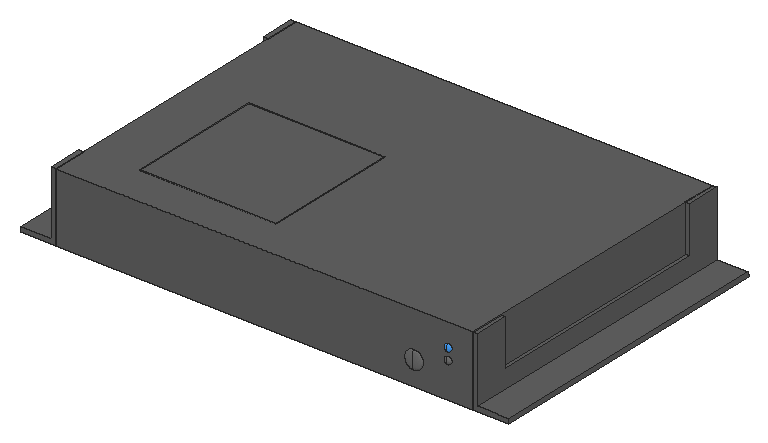
Revit family "Network Video Endpoint-Q-SYS-NV-21-HU", category Communication Devices, host Face, Revit 2021
Family settings
  Host = Face
  Maintain Annotation Orientation = No
  Round Connector Dimension = Use Diameter
  Part Type = Normal
  OmniClass Number = 23.85.10.14
  OmniClass Title = Visual Information Systems
  Cut with Voids When Loaded = No
  Shared = No
  Room Calculation Point = No
Parameters (values of type "On Surface")
  Width = 215.007 mm
  Weight Product = 1.75
  Weight Dimensional = 1.75
  Weight = 1.75 lbm
  Voltage = 12 V
  Under Surface = not(On Surface)  # no
  URL = "https://www.qsys.com/"
  Type Comments = "On Surface"
  Product Page URL = "https://www.qsys.com/products-solutions/q-sys/video/nv-series/nv-21-hu/"
  Product Documentation Link = "https://www.qsys.com/resource-files/reps/documentcenter/q_rep_nv_21_hu_specsheet.pdf"
  Power Factor = 0.9
  Part Number = ""
  On Surface = yes
  Number of Poles = 2
  Model = "NV-21-HU"
  Minimum Circuit Amps = 9 A
  Manufacturer URL = "https://www.qsys.com/"
  Manufacturer = "Q-SYS"
  Load Classification = Other
  LED X Offset = if(Under Surface, 15.0 mm, Body Width - 15.0 mm)  # 172.4 mm
  LED Material = Plastic - Q-SYS - LED Blue
  LED 2 Y Offset = if(Under Surface, 15.0 mm, Body Height - 15.0 mm)  # 15.5 mm
  LED 1 Y Offset = if(Under Surface, 10.0 mm, Body Height - 10.0 mm)  # 20.5 mm
  Intake Y Offset = 17.0 mm
  Intake X Offset = if(On Surface, 23.0 mm, Body Width - 23.0 mm - 60.0 mm)  # 23.0 mm
  IQ Category = "Video Endpoint"  # constant formula
  Highlight Material = Plastic - Q-SYS - Black
  Height = 30.5 mm
  Grille Material = Paint - Q-SYS - Black Mesh
  Frame Height = 30.5 mm
  Frame Depth = 2.0 mm
  Description = "Native Network Video Endpoint for Q-SYS."
  Depth = 131.5 mm
  Default Elevation = 1219.2 mm
  Current Draw = 0
  Button Y Offset = if(Under Surface, 20.0 mm, Body Height - 20.0 mm)  # 10.5 mm
  Button X Offset = if(Under Surface, 30.0 mm, Body Width - 30.0 mm)  # 157.4 mm
  Body Width = 187.4 mm
  Body Offset = if(On Surface, 0.0 mm, 12.0 mm)  # 0.0 mm
  Body Material = Paint - Q-SYS - Black
  Body Height = 30.5 mm
  Apparent Load = Voltage * Minimum Circuit Amps / Power Factor  # 120 VA
Types (3, lengths in mm): name | Under Surface | Type Comments | On Surface | LED X Offset | LED 2 Y Offset | LED 1 Y Offset | Intake X Offset | Button Y Offset | Button X Offset | Body Offset
  (no name) | no | "On Surface" | yes | 172.4 | 15.5 | 20.5 | 23.0 | 10.5 | 157.4 | 0.0
  On Surface | no | "On Surface" | yes | 172.4 | 15.5 | 20.5 | 23.0 | 10.5 | 157.4 | 0.0
  Under Surface | yes | "Under Surface" | no | 15.0 | 15.0 | 10.0 | 104.4 | 20.0 | 30.0 | 12.0
Reference planes
  plane 1 "Center (Front/Back)": y = 0
  plane 2: z = 0
  plane 3 "Center (Left/Right)": x = 0
  plane 4 "Back": y = 65.75
  plane 5 "Front": y = -65.75
  plane 6 "Left": x = -107.504
  plane 7 "Right": x = 107.504
  plane 8 "frame left": x = -93.7
  plane 9 "frame right": x = 93.7
  plane 10 "body left": x = -91.7
  plane 11 "body right": x = 91.7
  plane 12 "Bottom": z = 0
  plane 13 "Top": z = 30.5
  plane 14 "frame top": z = 30.5
  plane 15: z = 2
  plane 16 "body bottom": z = 0
  plane 17: y = 50.75
  plane 18: y = -50.75
  plane 19: z = 10
  plane 20 "1": z = 20.5
  plane 21 "2": z = 15.5
  plane 22 "3": z = 10.5
  plane 23: x = 65.7
  plane 24: x = 80.7
  plane 25 "intake left": x = -68.7
  plane 26 "intake right": x = -8.7
  plane 27: y = 11.25
  plane 28: y = -48.75
Forms (mm)
  Extrusion 1, solid, material "Paint - Q-SYS - Black" <- "Body Material", detail levels medium+fine
    sketch origin (0, 0, 0) x (1, 0, 0) y (0, 0, 1)
      loop
        line (-107.504, 2) -> (-107.504, 0) -> (-91.7, 0) -> (-91.7, 30.5) -> (-93.7, 30.5) -> (-93.7, 2) -> (-107.504, 2)
      loop
        line (107.504, 2) -> (93.7, 2) -> (93.7, 30.5) -> (91.7, 30.5) -> (91.7, 0) -> (107.504, 0) -> (107.504, 2)
    from -65.75 to 65.75
  Extrusion 2, void
    sketch origin (0, 0, 0) x (0, 1, 0) y (0, 0, 1)
      loop
        line (50.75, 30.5) -> (-50.75, 30.5) -> (-50.75, 10) -> (50.75, 10) -> (50.75, 30.5)
    from -107.504 to 107.504
  Revolve 3, solid, material "Plastic - Q-SYS - Black" <- "Highlight Material", detail levels fine
    sketch origin (65.7, -4572, 176.475) x (0, 0, 1) y (0, -1, 0)
      loop
        spline (-161.975, -4506.25) -> (-162.009, -4506.146) -> (-162.111, -4506.043) -> (-162.279, -4505.944) -> (-162.511, -4505.85) -> (-162.801, -4505.763) -> (-163.146, -4505.684) -> (-163.54, -4505.615) -> (-163.975, -4505.557) -> (-164.444, -4505.511) -> (-164.939, -4505.477) -> (-165.453, -4505.457) -> (-165.975, -4505.45)
        line (-165.975, -4505.45) -> (-165.975, -4506.25) -> (-161.975, -4506.25)
      axis (-165.975, -4506.25) -> (-165.975, -4505.25)
    angle from 0 to 360
  Revolve 4, solid, material "Plastic - Q-SYS - LED Blue" <- "LED Material", detail levels fine
    sketch origin (80.7, -4572, 176.475) x (0, 0, 1) y (0, -1, 0)
      loop
        line (-155.975, -4506.25) -> (-154.482, -4506.25)
        spline (-154.482, -4506.25) -> (-154.494, -4506.146) -> (-154.533, -4506.043) -> (-154.595, -4505.944) -> (-154.682, -4505.85) -> (-154.79, -4505.763) -> (-154.919, -4505.684) -> (-155.066, -4505.615) -> (-155.228, -4505.557) -> (-155.403, -4505.511) -> (-155.588, -4505.477) -> (-155.78, -4505.457) -> (-155.975, -4505.45)
        line (-155.975, -4505.45) -> (-155.975, -4506.25)
      axis (-155.975, -4506.25) -> (-155.975, -4505.25)
    angle from 0 to 360
  Revolve 5, solid, material "Plastic - Q-SYS - Black" <- "Highlight Material", detail levels fine
    sketch origin (80.7, -4572, 176.475) x (0, 0, 1) y (0, -1, 0)
      loop
        line (-160.975, -4506.25) -> (-159.482, -4506.25)
        spline (-159.482, -4506.25) -> (-159.494, -4506.146) -> (-159.533, -4506.043) -> (-159.595, -4505.944) -> (-159.682, -4505.85) -> (-159.79, -4505.763) -> (-159.919, -4505.684) -> (-160.066, -4505.615) -> (-160.228, -4505.557) -> (-160.403, -4505.511) -> (-160.588, -4505.477) -> (-160.78, -4505.457) -> (-160.975, -4505.45)
        line (-160.975, -4505.45) -> (-160.975, -4506.25)
      axis (-160.975, -4506.25) -> (-160.975, -4505.25)
    angle from 0 to 360
  Extrusion 6, solid, detail levels coarse
    sketch origin (0, 0, 0) x (1, 0, 0) y (0, 1, 0)
      loop
        line (-107.504, 65.75) -> (-107.504, -65.75) -> (107.504, -65.75) -> (107.504, 65.75) -> (-107.504, 65.75)
    from 0 to 30.5
  Extrusion 7, solid, material "Paint - Q-SYS - Black Mesh" <- "Grille Material", detail levels medium+fine
    sketch origin (0, 0, 30.5) x (-1, 0, 0) y (0, -1, 0)
      loop
        line (68.7, -11.25) -> (68.7, 48.75) -> (8.7, 48.75) -> (8.7, -11.25) -> (68.7, -11.25)
    from -30.5 to 0
  Extrusion 8, solid, material "Paint - Q-SYS - Black" <- "Body Material", detail levels medium+fine
    sketch origin (0, 0, 30.5) x (-1, 0, 0) y (0, -1, 0)
      loop
        line (91.7, -65.75) -> (91.7, 65.75) -> (-91.7, 65.75) -> (-91.7, -65.75) -> (91.7, -65.75)
      loop
        line (68.7, -11.25) -> (68.7, 48.75) -> (8.7, 48.75) -> (8.7, -11.25) -> (68.7, -11.25)
    from -30.5 to 0
Cuts and joins
  Extrusion 2 cuts Extrusion 1
Lines and regions (mm)
  Masking region 1
    outline origin (0, 0, 0) x (1, 0, 0) y (0, 1, 0)
      loop
        line (-107.504, 65.75) -> (-107.504, -65.75) -> (107.504, -65.75) -> (107.504, 65.75) -> (-107.504, 65.75)
  Masking region 2, detail levels coarse
    outline origin (0, 0, 0) x (1, 0, 0) y (0, 0, 1)
      loop
        line (107.504, 30.5) -> (-107.504, 30.5) -> (-107.504, 0) -> (107.504, 0) -> (107.504, 30.5)
  Masking region 3, detail levels medium+fine
    outline origin (0, 0, 0) x (1, 0, 0) y (0, 0, 1)
      loop
        line (-93.7, 30.5) -> (-93.7, 2) -> (-107.504, 2) -> (-107.504, 0) -> (-91.7, 0) -> (-91.7, 30.5) -> (-93.7, 30.5)
      loop
        line (107.504, 2) -> (93.7, 2) -> (93.7, 30.5) -> (91.7, 30.5) -> (91.7, 0) -> (107.504, 0) -> (107.504, 2)
  Masking region 4, detail levels medium+fine
    outline origin (0, 0, 0) x (1, 0, 0) y (0, 0, 1)
      loop
        line (91.7, 30.5) -> (-91.7, 30.5) -> (-91.7, 0) -> (91.7, 0) -> (91.7, 30.5)
  Masking region 5, detail levels coarse
    outline origin (0, 0, 0) x (0, 1, 0) y (0, 0, 1)
      loop
        line (-65.75, 30.5) -> (-65.75, 0) -> (65.75, 0) -> (65.75, 30.5) -> (-65.75, 30.5)
  Masking region 6, detail levels medium+fine
    outline origin (0, 0, 0) x (0, 1, 0) y (0, 0, 1)
      loop
        line (-50.75, 10) -> (-50.75, 30.5) -> (-65.75, 30.5) -> (-65.75, 0) -> (65.75, 0) -> (65.75, 30.5) -> (50.75, 30.5) -> (50.75, 10) -> (-50.75, 10)
  Masking region 7, detail levels medium+fine
    outline origin (0, 0, 0) x (0, 1, 0) y (0, 0, 1)
      loop
        line (-65.75, 30.5) -> (-65.75, 0) -> (65.75, 0) -> (65.75, 30.5) -> (-65.75, 30.5)
  symbolic lines, detail levels medium+fine
    curve 1: line (-91.7, 65.75, 0) -> (-91.7, -65.75, 0)
    curve 2: line (91.7, -65.75, 0) -> (91.7, 65.75, 0)
    curve 3: line (-93.7, 65.75, 30.5) -> (-93.7, -65.75, 30.5)
    curve 4: line (93.7, -65.75, 30.5) -> (93.7, 65.75, 30.5)
    curve 8: line (0, 65.75, 2) -> (0, -65.75, 2)
    curve 9: line (-68.7, 11.25, 30.5) -> (-8.7, 11.25, 30.5)
    curve 10: line (-8.7, 11.25, 30.5) -> (-8.7, -48.75, 30.5)
    curve 11: line (-8.7, -48.75, 30.5) -> (-68.7, -48.75, 30.5)
    curve 12: line (-68.7, -48.75, 30.5) -> (-68.7, 11.25, 30.5)
  symbolic lines, style "Detail", detail levels fine
    curve 5: circle (65.7, -65.75, 10.5) r 4 normal (0, 1, 0)
    curve 6: circle (80.7, -65.75, 15.5) r 1.493 normal (0, 1, 0)
    curve 7: circle (80.7, -65.75, 20.5) r 1.493 normal (0, 1, 0)
Dimensions and locks
  equal spacing: plane 4 "Back", plane 1 "Center (Front/Back)", plane 5 "Front"
  "Depth": plane 4 "Back" to plane 5 "Front"
  equal spacing: plane 6 "Left", plane 3 "Center (Left/Right)", plane 7 "Right"
  "Width": plane 6 "Left" to plane 7 "Right"
  equal spacing: plane 8 "frame left", plane 3 "Center (Left/Right)", plane 9 "frame right"
  "Body Width": plane 8 "frame left" to plane 9 "frame right"
  "Frame Depth": plane 8 "frame left" to plane 10 "body left"
  "Frame Depth": plane 11 "body right" to plane 9 "frame right"
  "Frame Height": plane 14 "frame top" to plane 12 "Bottom"
  "Frame Depth": plane 15 to plane 12 "Bottom"
  "Body Height": plane 13 "Top" to plane 16 "body bottom"
  "Body Offset": plane 16 "body bottom" to plane 12 "Bottom"
  locked: plane 19 to plane 12 "Bottom" at 10
  locked: plane 4 "Back" to plane 17 at 15
  locked: plane 18 to plane 5 "Front" at 15
  "LED X Offset": plane 24 to plane 10 "body left"
  "Button X Offset": plane 23 to plane 10 "body left"
  "LED 1 Y Offset": plane 20 "1" to plane 16 "body bottom"
  "Button Y Offset": plane 22 "3" to plane 16 "body bottom"
  "LED 2 Y Offset": plane 21 "2" to plane 16 "body bottom"
  locked: plane 25 "intake left" to plane 26 "intake right" at 60
  locked: plane 27 to plane 28 at 60
  "Intake Y Offset": plane 28 to plane 5 "Front"
  "Intake X Offset": plane 10 "body left" to plane 25 "intake left"
  aligned and locked: plane 2 to host face
  aligned and locked: level to host face
  aligned and locked: plane 10 "body left" to Extrusion 1 sketch curve
  aligned and locked: Extrusion 1 sketch curve to plane 8 "frame left"
  aligned and locked: plane 14 "frame top" to Extrusion 1 sketch curve
  aligned and locked: Extrusion 1 sketch curve to plane 12 "Bottom"
  aligned and locked: plane 15 to Extrusion 1 sketch curve
  aligned and locked: Extrusion 1 sketch curve to plane 6 "Left"
  aligned and locked: Extrusion 1 sketch curve to plane 15
  aligned and locked: Extrusion 1 sketch curve to plane 9 "frame right"
  aligned and locked: Extrusion 1 sketch curve to plane 14 "frame top"
  aligned and locked: plane 11 "body right" to Extrusion 1 sketch curve
  aligned and locked: plane 12 "Bottom" to Extrusion 1 sketch curve
  aligned and locked: Extrusion 1 sketch curve to plane 7 "Right"
  aligned and locked: plane 4 "Back" to Extrusion 1
  aligned and locked: Extrusion 1 to plane 5 "Front"
  aligned and locked: plane 19 to Extrusion 2 sketch curve
  aligned and locked: Extrusion 2 sketch curve to plane 17
  aligned and locked: Extrusion 2 sketch curve to plane 13 "Top"
  aligned and locked: plane 18 to Extrusion 2 sketch curve
  aligned and locked: Extrusion 2 to plane 6 "Left"
  aligned and locked: plane 7 "Right" to Extrusion 2
  aligned and locked: Revolve 3 sketch curve to plane 22 "3"
  aligned and locked: Revolve 4 sketch curve to plane 20 "1"
  aligned and locked: plane 6 "Left" to Extrusion 6 sketch curve
  aligned and locked: Extrusion 6 sketch curve to plane 4 "Back"
  aligned and locked: Extrusion 6 sketch curve to plane 7 "Right"
  aligned and locked: plane 5 "Front" to Extrusion 6 sketch curve
  aligned and locked: level to plane 12 "Bottom"
  aligned and locked: plane 6 "Left" to Masking region 1 sketch curve
  aligned and locked: Masking region 1 sketch curve to plane 7 "Right"
  aligned and locked: Masking region 1 sketch curve to plane 4 "Back"
  aligned and locked: plane 5 "Front" to Masking region 1 sketch curve
  aligned and locked: curve 3 to cut or joined group of Extrusion 1, Extrusion 2
  aligned and locked: curve 4 to cut or joined group of Extrusion 1, Extrusion 2
  aligned and locked: Masking region 2 sketch curve to Extrusion 6  (x4)
  aligned and locked: Masking region 3 sketch curve to cut or joined group of Extrusion 1, Extrusion 2  (x12)
  aligned and locked: curve 5 to Revolve 3
  aligned and locked: curve 6 to Revolve 5
  aligned and locked: curve 7 to Revolve 4
  aligned and locked: Extrusion 6 to plane 12 "Bottom"
  aligned and locked: plane 13 "Top" to Extrusion 6
  aligned and locked: Masking region 5 sketch curve to Extrusion 6  (x4)
  aligned and locked: Masking region 6 sketch curve to cut or joined group of Extrusion 1, Extrusion 2  (x6)
  aligned and locked: Masking region 6 sketch curve to plane 12 "Bottom"
  aligned and locked: curve 8 to cut or joined group of Extrusion 1, Extrusion 2
  aligned and locked: plane 25 "intake left" to Extrusion 7 sketch curve
  aligned and locked: Extrusion 7 sketch curve to plane 26 "intake right"
  aligned and locked: Extrusion 7 sketch curve to plane 28
  aligned and locked: plane 27 to Extrusion 7 sketch curve
  aligned and locked: Extrusion 8 sketch curve to plane 11 "body right"
  aligned and locked: plane 5 "Front" to Extrusion 8 sketch curve
  aligned and locked: plane 10 "body left" to Extrusion 8 sketch curve
  aligned and locked: Extrusion 8 sketch curve to plane 4 "Back"
  aligned and locked: Extrusion 8 sketch curve to Extrusion 7  (x4)
  aligned and locked: Extrusion 8 to plane 16 "body bottom"
  aligned and locked: plane 13 "Top" to Extrusion 8
  aligned and locked: Extrusion 7 to plane 16 "body bottom"
  aligned and locked: plane 13 "Top" to Extrusion 7
  aligned and locked: curve 9 to Extrusion 8
  aligned and locked: curve 10 to Extrusion 8
  aligned and locked: curve 11 to Extrusion 8
  aligned and locked: curve 12 to Extrusion 8
Automatic sketch dimensions
  host sketch curve to host sketch curve = 2438.4 mm  (x2)
  Revolve 3 sketch curve to plane 22 "3" = 0.0 mm  (x2)
  Revolve 3 sketch curve to plane 5 "Front" = 0.0 mm
  Revolve 3 sketch curve to Revolve 3 sketch curve = 4.0 mm
  plane 5 "Front" to Revolve 3 sketch curve = 0.8 mm
  Revolve 3 sketch curve to plane 18 = 13.2 mm
  Revolve 3 sketch curve to Revolve 3 sketch curve = 16.0 mm
  Revolve 4 sketch curve to plane 5 "Front" = 0.0 mm  (x2)
  Revolve 4 sketch curve to plane 20 "1" = 0.0 mm
  Revolve 4 sketch curve to Revolve 4 sketch curve = 0.8 mm
  plane 20 "1" to Revolve 4 sketch curve = 1.493 mm
  Revolve 4 sketch curve to Revolve 4 sketch curve = 5.187 mm
  Revolve 4 sketch curve to Revolve 4 sketch curve = 6.642 mm
  Revolve 5 sketch curve to plane 21 "2" = 0.0 mm  (x2)
  Revolve 5 sketch curve to plane 5 "Front" = 0.0 mm
  plane 21 "2" to Revolve 5 sketch curve = 1.493 mm
  Revolve 5 sketch curve to Revolve 5 sketch curve = 0.8 mm
  Revolve 5 sketch curve to Revolve 5 sketch curve = 5.187 mm
  Revolve 5 sketch curve to Revolve 5 sketch curve = 6.642 mm
  curve 1 to plane 5 "Front" = 0.0 mm
  curve 1 to plane 4 "Back" = 0.0 mm
  curve 2 to plane 5 "Front" = 0.0 mm
  curve 2 to plane 4 "Back" = 0.0 mm
  curve 3 to plane 4 "Back" = 0.0 mm
  curve 3 to plane 5 "Front" = 0.0 mm
  curve 4 to plane 4 "Back" = 0.0 mm
  curve 4 to plane 5 "Front" = 0.0 mm
  Masking region 6 sketch curve to plane 14 "frame top" = 0.0 mm
  curve 8 to plane 5 "Front" = 0.0 mm
  curve 8 to plane 4 "Back" = 0.0 mm
  curve 1 to plane 10 "body left" = 0.0 mm
  curve 2 to plane 11 "body right" = 0.0 mm
  Masking region 4 sketch curve to plane 10 "body left" = 0.0 mm
  Masking region 4 sketch curve to plane 11 "body right" = 0.0 mm
  Masking region 4 sketch curve to plane 16 "body bottom" = 0.0 mm
  Masking region 4 sketch curve to plane 13 "Top" = 0.0 mm
  Masking region 7 sketch curve to plane 5 "Front" = 0.0 mm
  Masking region 7 sketch curve to plane 4 "Back" = 0.0 mm
  Masking region 7 sketch curve to plane 16 "body bottom" = 0.0 mm
  Masking region 7 sketch curve to plane 13 "Top" = 0.0 mm
Connectors
  electrical at (0, 65.75, 15.25), driven by "Number of Poles", driven by "Load Classification", driven by "Voltage", driven by "Apparent Load", driven by "Power Factor"
    settings: on Extrusion 8, index 1, voltage 12 V, apparent load 120 VA, apparent load phase1 0 VA, apparent load phase2 0 VA, apparent load phase3 0 VA, power factor 0.9, load classification "Other", number of poles 2, system type 30, power factor state 1, is connector primary yes, connector utility no, sub classification motor no, connector description "Power"
  electrical at (0, 65.75, 15.25)
    settings: on Extrusion 8, index 2, voltage 0 V, apparent load 0 VA, apparent load phase1 0 VA, apparent load phase2 0 VA, apparent load phase3 0 VA, power factor 1, load classification "Other", number of poles 1, system type 5, power factor state 1, is connector primary no, connector utility no, sub classification motor no, connector description "Ethernet Network"
  electrical at (0, 65.75, 15.25)
    settings: on Extrusion 8, index 3, voltage 0 V, apparent load 0 VA, apparent load phase1 0 VA, apparent load phase2 0 VA, apparent load phase3 0 VA, power factor 1, load classification "Other", number of poles 1, system type 13, power factor state 1, is connector primary no, connector utility no, sub classification motor no, connector description "Controls"
